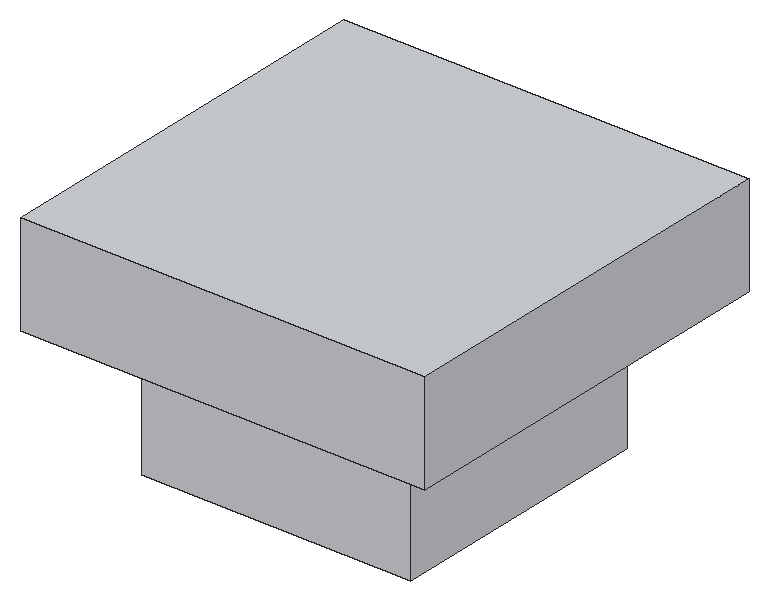
Revit family "Steady State Speed Controller", category Mechanical Control Devices, host Face, Revit 2025
Family settings
  Host = Face
  Round Connector Dimension = Use Diameter
  Part Type = Normal
  Cut with Voids When Loaded = No
  Maintain Annotation Orientation = Yes
  Shared = No
  Room Calculation Point = No
Parameters (values of type "SSC (Wall Mounted)")
  Width = 3"
  Wall Mounted = yes
  Rotate [instance] = no
  Label = "SSC"
  Height = 3"
  Default Elevation = 48"
  Ceiling Mounted = no
Types (2): name | Wall Mounted | Rotate | Ceiling Mounted
  SSC (Wall Mounted) | yes | no | no
  SSC (Ceiling Mounted) | no | yes | yes
Reference planes (in)
  plane 1 "Center (Front/Back)": y = 0
  plane 2: z = 0
  plane 3 "Center (Left/Right)": x = 0
  plane 4: z = 0.75
  plane 5: z = -1
Forms (in)
  Extrusion 1, solid
    sketch origin (0, 0, 0) x (1, 0, 0) y (0, 1, 0)
      loop
        line (-1.5, 1.5) -> (-1.5, -1.5) -> (1.5, -1.5) -> (1.5, 1.5) -> (-1.5, 1.5)
    from 0 to 0.75
  Extrusion 2, solid
    sketch origin (0, 0, 0) x (1, 0, 0) y (0, 1, 0)
      loop
        line (-1, 1) -> (-1, -1) -> (1, -1) -> (1, 1) -> (-1, 1)
    from 0 to -1
Dimensions and locks (in)
  equal spacing: Extrusion 1 sketch curve, plane 3 "Center (Left/Right)", Extrusion 1 sketch curve
  equal spacing: Extrusion 1 sketch curve, plane 1 "Center (Front/Back)", Extrusion 1 sketch curve
  "Height": Extrusion 1 sketch curve to Extrusion 1 sketch curve
  "Width": Extrusion 1 sketch curve to Extrusion 1 sketch curve
  plane 4 to plane 2 = 3/4"
  equal spacing: Extrusion 2 sketch curve, plane 3 "Center (Left/Right)", Extrusion 2 sketch curve
  equal spacing: Extrusion 2 sketch curve, plane 1 "Center (Front/Back)", Extrusion 2 sketch curve
  plane 1 "Center (Front/Back)" to Extrusion 2 sketch curve = 1"
  plane 3 "Center (Left/Right)" to Extrusion 2 sketch curve = 1"
  plane 2 to plane 5 = 1"
  aligned and locked: plane 2 to host face
  aligned and locked: level to host face
  aligned and locked: plane 4 to Extrusion 1
  aligned and locked: Extrusion 2 to plane 5
Automatic sketch dimensions
  host sketch curve to host sketch curve = 96"  (x2)
Nested families (in)
  nested 1: "Wall Symbol" at (0, 0, 0), visible <- "Wall Mounted", type "Standard"
  nested 2: "Ceiling Symbol" at (0, 0, 0), visible <- "Ceiling Mounted", type "Standard"
Definition of nested family "Wall Symbol"
  Parameters (values of type "Standard")
    Rotate = yes
    Not Rotate = not(Rotate)  # no
    Label = "ATS"
  Reference planes (in)
    plane 1: y = 0
    plane 2: x = 0
  Lines and regions (in)
    detail lines
      curve 1: line (-0.125, 0.25, 0) -> (0.125, 0.25, 0)
      curve 2: line (-0.125, 0, 0) -> (-0.125, 0.25, 0)
      curve 3: line (0.125, 0, 0) -> (-0.125, 0, 0)
      curve 4: line (0.125, 0.25, 0) -> (0.125, 0, 0)
  Text (in)
    label "ATS" at (0.00258, 0.12377, 0), shows "Label", visible <- "Not Rotate"
    label "ATS" at (0.00258, 0.12377, 0), shows "Label", visible <- "Rotate"
  Dimensions and locks (in)
    equal spacing: curve 2, plane 2, curve 4
    plane 2 to curve 4 = 1/8"
Definition of nested family "Ceiling Symbol"
  Parameters (values of type "Standard")
    Label = "ATS"
  Reference planes (in)
    plane 1: y = 0
    plane 2: x = 0
  Lines and regions (in)
    detail lines
      curve 1: line (-0.125, 0.125, 0) -> (0.125, 0.125, 0)
      curve 2: line (-0.125, -0.125, 0) -> (-0.125, 0.125, 0)
      curve 3: line (0.125, -0.125, 0) -> (-0.125, -0.125, 0)
      curve 4: line (0.125, 0.125, 0) -> (0.125, -0.125, 0)
  Text (in)
    label "ATS" at (0.00258, -0.00123, 0), shows "Label"
  Dimensions and locks (in)
    equal spacing: curve 2, plane 2, curve 4
    equal spacing: curve 1, plane 1, curve 3
    plane 1 to curve 1 = 1/8"
